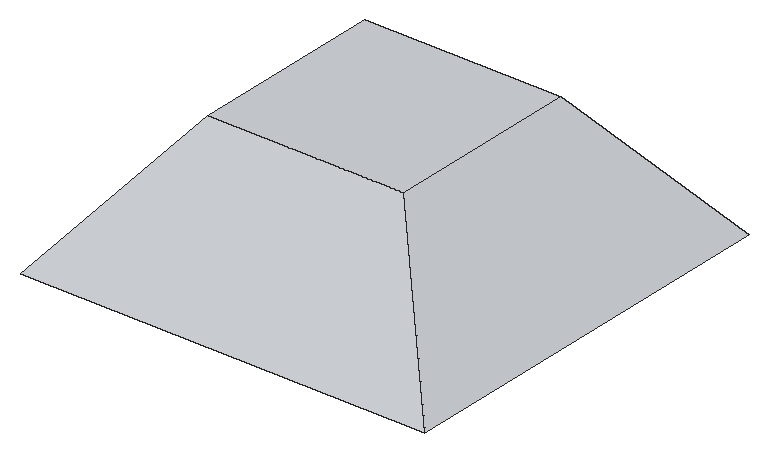
Revit family "M_Supply Diffuser", category Air Terminals, Revit 2018
Family settings
  Round Connector Dimension = Use Diameter
  Part Type = Normal
  OmniClass Number = 23.75.70.21.27.11
  OmniClass Title = Diffusers, Registers, and Grilles
  Work Plane-Based = No
  Always vertical = Yes
  Cut with Voids When Loaded = No
  Shared = No
  Room Calculation Point = No
Parameters (values of type "310 x 310 Face 150 x 150 Connection")
  Width 1 = Diffuser Width * 0.65  # 201.5 mm
  Duct Width = 150 mm
  Duct Height = Duct Width  # 150 mm
  Diffuser Width = 310 mm
  UpArrow [instance] = yes
  Pressure Drop [instance] = 14.0 Pa
  RightArrow [instance] = yes
  LeftArrow [instance] = yes
  Flow [instance] = 235.0 L/s
  DownArrow [instance] = yes
  Diffuser Height = Diffuser Width  # 310 mm
  Assembly Code = "SD-1"
Reference planes
  plane 1 "Center (Front/Back)": y = 0
  plane 2: z = 0
  plane 3 "Center (Left/Right)": x = 0
Forms (mm)
  Blend 1, solid
    base sketch origin (0, 0, 0) x (1, 0, 0) y (0, 1, 0)
      loop
        line (-155, 155) -> (-155, -155) -> (155, -155) -> (155, 155) -> (-155, 155)
    top sketch origin (0, 0, 0) x (1, 0, 0) y (0, 1, 0)
      loop
        line (-75, 75) -> (-75, -75) -> (75, -75) -> (75, 75) -> (-75, 75)
    from 0 to 101.6
Lines and regions (mm)
  symbolic lines, style "DuctTerminal"
    curve 1: line (-155, -155, 0) -> (155, 155, 0)
    curve 2: line (-155, 155, 0) -> (155, 155, 0)
    curve 3: line (155, 155, 0) -> (155, -155, 0)
    curve 4: line (155, -155, 0) -> (-155, -155, 0)
    curve 5: line (-155, 155, 0) -> (-155, -155, 0)
  symbolic lines
    curve 6: line (-155, 155, 0) -> (155, -155, 0)
Dimensions and locks
  equal spacing: Blend 1 sketch curve, plane 3 "Center (Left/Right)", Blend 1 sketch curve  (x2)
  "Diffuser Width": Blend 1 sketch curve to Blend 1 sketch curve
  equal spacing: Blend 1 sketch curve, plane 1 "Center (Front/Back)", Blend 1 sketch curve  (x2)
  "Diffuser Height": Blend 1 sketch curve to Blend 1 sketch curve
  "Duct Width": Blend 1 sketch curve to Blend 1 sketch curve
  "Duct Height": Blend 1 sketch curve to Blend 1 sketch curve
  "Width 1": nested 1 to plane 3 "Center (Left/Right)"
  "Width 1": nested 2 to plane 1 "Center (Front/Back)"
  "Width 1": plane 3 "Center (Left/Right)" to nested 3
  "Width 1": nested 4 to plane 1 "Center (Front/Back)"
  aligned and locked: Blend 1 to curve 1
  aligned and locked: curve 5 to Blend 1
  aligned and locked: curve 2 to Blend 1
  aligned and locked: curve 3 to Blend 1
  aligned and locked: plane 1 "Center (Front/Back)" to nested 1
  aligned and locked: plane 3 "Center (Left/Right)" to nested 2
  aligned and locked: plane 3 "Center (Left/Right)" to nested 4
  aligned and locked: plane 1 "Center (Front/Back)" to nested 3
Nested families
  nested 1: "M_Duct Terminal Arrow" at (-201.5, 0, 0) x (-1, 0, 0) z (0, 0, 1), visible <- "LeftArrow", type "Duct Terminal Arrow"
  nested 2: "M_Duct Terminal Arrow" at (0, 201.5, 0) x (0, 1, 0) z (0, 0, 1), visible <- "UpArrow", type "Duct Terminal Arrow"
  nested 3: "M_Duct Terminal Arrow" at (201.5, 0, 0), visible <- "RightArrow", type "Duct Terminal Arrow"
  nested 4: "M_Duct Terminal Arrow" at (0, -201.5, 0) x (0, -1, 0) z (0, 0, 1), visible <- "DownArrow", type "Duct Terminal Arrow"
Connectors
  hvac at (0, 0, 101.6), driven by "Duct Width", driven by "Duct Width", driven by "Flow", driven by "Pressure Drop"
    settings: on Blend 1, index 0, duct flow 235.0 L/s, flow factor 0, pres drop 14.0 Pa, loss coef 0, conn angle 0.00°, conn width 150 mm, conn height 150 mm, conn diameter 609.6 mm, duct sys type 1, conn prof type 1, flow config 1, flow direction 1, loss method 4, conn ref index -1, conn util no, is conn primary yes, conn desc ""
Definition of nested family "M_Duct Terminal Arrow"
  Parameters
    Width = (Length / 2) / cos(15.00°)  # 25.882 mm
    Length = 50 mm
  Reference planes
    plane 1 "Center (Front/Back)": y = 0
    plane 2: z = 0
    plane 3 "Center (Left/Right)": x = 0
  Lines and regions (mm)
    Filled region 1, type "Concrete Block", in view "Ref. Level"
      outline origin (0, 0, 0) x (1, 0, 0) y (0, 1, 0)
        loop
          line (25, 6.699) -> (25, -6.699) -> (50, 0) -> (25, 6.699)
    detail lines, in view "Ref. Level"
      curve 1: line (0, 0, 0) -> (50, 0, 0)
      curve 2: line (50, 0, 0) -> (25, 6.699, 0)
      curve 3: line (50, 0, 0) -> (25, -6.699, 0)
      curve 4: line (25, 6.699, 0) -> (25, -6.699, 0)
  Dimensions and locks
    "Length": curve 1 to curve 1
    "Width": curve 2 to curve 2
    "Width": curve 3 to curve 3
    locked: curve 2 to curve 1 (angle 15.00°)
    locked: curve 1 to curve 3 (angle 15.00°)
    aligned and locked: plane 3 "Center (Left/Right)" to curve 1
    aligned and locked: plane 1 "Center (Front/Back)" to curve 1
    aligned and locked: Filled region 1 sketch curve to curve 4
    aligned and locked: Filled region 1 sketch curve to curve 2
    aligned and locked: Filled region 1 sketch curve to curve 3
